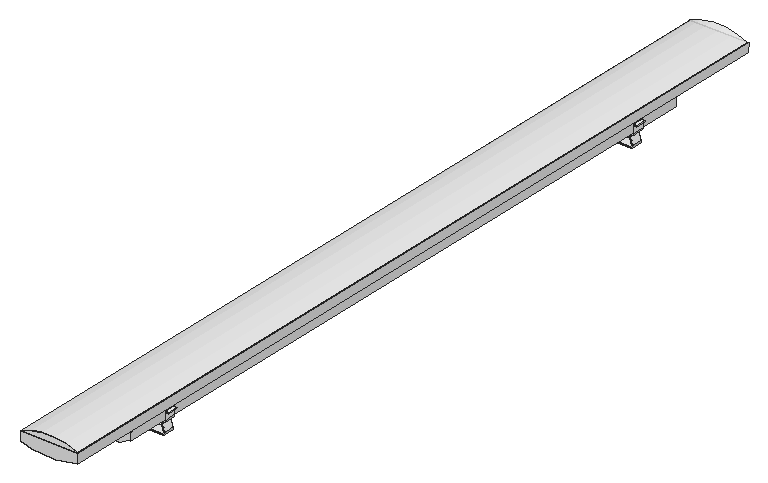
Revit family "Lighting-Industriale-GEWISS-SMART[3]-PLAFONIERA-LED_OPALE_1600mm", category Apparecchi per illuminazione, host Superficie, Revit 2019
Family settings
  Host = Superficie
  Quota connettore circolare = Usa diametro
  Tipo di parte = Normale
  Numero OmniClass = 23.80.70.11
  Titolo OmniClass = Luminaries for Internal Lighting
  Taglio con vuoti quando caricato = No
  Sorgente d'illuminazione = No
  Condiviso = No
  Punto di calcolo locali = Sì
Parameters (values of type "GWS3258PLD57K - SMART3 LED 1600 2X58 OPALE DALI 57K LP")
  Versione file RFA = "20.11"
  URL = "https://www.gewiss.com/it/it"
  Tipologia sorgente luminosa = "LED - Non sostituibile"
  Tipologia = "DALI"
  Tipo alimentatore = "Driver Led in corrente continua"
  Tensione = "220/240 V - 50/60 Hz - Dali"
  Temperatura di utilizzo = "-30 +50 °C"
  Temperatura di funzionamento = "-25 +50 °C"
  Temperatura di colore: = "5700 K (CRI 80)"
  Temperatura di colore = "5700 K (CRI 80)"
  Struttura = GEWISS - SMART 3 - GRIGIO
  Stampa 1_200 = no
  Stampa 1_100 = not(Stampa 1_200)  # yes
  Spostamento_Y_etichetta [instance] = 0 mm
  Spostamento_Y_effettivo_etichetta [instance] = 1500 mm - Spostamento_Y_etichetta  # 1500 mm
  Spostamento_X_etichetta [instance] = 0 mm
  Spostamento_X_effettivo_etichetta [instance] = 1500 mm - Spostamento_X_etichetta  # 1500 mm
  Schermo. = Gewiss - Led Acceso
  Schermo = "Opale con cablaggio passante"
  Scheda Tecnica = "https://www.gewiss.com/it/it/search?q=GWS3258PLD57K"
  SEO = "Plafoniera"
  Resistenza agli urti = "IK08"
  Default Elevation = 1219.2 mm
  Produttore = "GEWISS S.p.A."
  Potenza di sistema = "50W"
  Peso (kg): = "2,5"
  NÂ° LED (#) = "84"
  Modello = "GWS3258PLD57K"
  Lunghezza Lampada = 1600 mm  # constant formula
  Lunghezza = "1600 mm"
  Lumen output (lm) = "6000"
  Lampada: = "LED"
  Lampada = "LED"
  LED LifeTime (L80B20) = "85000H"
  LED Life time (L90B50) = "50000H"
  LED Life time (L80B50) = "100000H"
  LED Life time (L70) = "80000H"
  Immagine tipo = GWS3158P.jpg
  IFC.TypeObject = ""
  IFC.ExportType = ""
  IFC.ExportAs = ""
  IDT = "e711e676-0d2c-4269-98d7-1f22e4a173c5"
  IDF = "429fcb6a-c397-41af-9d66-92bec2f0642a"
  Grado di protezione = "IP66/IP69"
  Glow Wire Test = "850°C"
  Garanzia = "5 anni"
  Ganci = GEWISS  - ALLUMINIO
  Flusso nominale (lm) = "6900"
  Failure rate apparecchio (50.000h, Tq=25Â° C) = "<2,5%"
  Failure rate apparecchio (35.000h, Tq=35Â° C) = "<2,5%"
  Descrizione = "SMART3 1600 84LED 55W OPALE CABLAGGIO PASSANTE DALI 5700K"
  Creato da GEWISS S.p.A. = ""
  Commenti sul wattaggio = "55W"
  Codice Electrocod = "2434"
  Codice EAN = "8011564877207"
  Classe isolamento = "II"
  Classe di efficienza LED integrati = "A ÷ A++"
  Catalogo Serie = "SMART [3]"
  Catalogo = "LIGHTING"
  Carico apparente = 55 VA
  COBie.Tagnumber = ""
  COBie.CreatedOn = ""
  COBie.CreatebBy = ""
  COBie.ComponentRegisterItemID = ""
  COBie.Component.TagNumber = ""
  COBie.Component.Space = ""
  COBie.Component.SerialNumber = ""
  COBie.Component.InstallationDate = ""
  COBie.Component.Description = ""
  COBie.Component.BarCode = ""
  Applicazione = "Interno"
  Apparecchio a ridotta temperatura superficiale = "Conforme"
Types (17, lengths in mm): name | Tipologia | Tensione | Temperatura di colore: | Temperatura di colore | Schermo | Scheda Tecnica | Potenza di sistema | NÂ° LED (#) | Modello | Lumen output (lm) | IDT | Flusso nominale (lm) | Descrizione | Commenti sul wattaggio | Codice EAN | Carico apparente
  (no name) | "DALI" | "220/240 V - 50/60 Hz - Dali" | "5700 K (CRI 80)" | "5700 K (CRI 80)" | "Opale con cablaggio passante" | "https://www.gewiss.com/it/it/search?q=GWS3258PLD57K" | "50W" | "84" | "GWS3258PLD57K" | "6000" | "e711e676-0d2c-4269-98d7-1f22e4a173c5" | "6900" | "SMART3 1600 84LED 55W OPALE CABLAGGIO PASSANTE DALI 5700K" | "26W" | "8011564877207" | 26 VA
  GWS3158P - SMART3 LED 1600 1X58 OPALE | "Stand alone" | "220/240 V - 50/60 Hz - Stand alone" | "4000 K (CRI 80)" | "4000 K (CRI 80)" | "Opale" | "https://www.gewiss.com/it/it/search?q=GWS3158P" | "26W" | "72" | "GWS3158P" | "3000" | "2a3c1420-3956-4a0a-b9c0-2c49ddd64183" | "3700" | "SMART3 1600 72LED 26W OPALE 4000K" | "26W" | "8011564857544" | 26 VA
  GWS3258P - SMART3 LED 1600 2X58 OPALE | "Stand alone" | "220/240 V - 50/60 Hz - Stand alone" | "4000 K (CRI 80)" | "4000 K (CRI 80)" | "Opale" | "https://www.gewiss.com/it/it/search?q=GWS3258P" | "50W" | "84" | "GWS3258P" | "6000" | "98c1e635-8887-4b23-8ef8-854247924388" | "6900" | "SMART3 1600 84LED 53W OPALE 4000K" | "53W" | "8011564857575" | 53 VA
  GWS3258P30K - SMART3 LED 1600 2X58 OPALE 30K | "Stand alone" | "220/240 V - 50/60 Hz - Stand alone" | "3000 K (CRI 80)" | "3000 K (CRI 80)" | "Opale" | "https://www.gewiss.com/it/it/search?q=GWS3258P30K" | "50W" | "84" | "GWS3258P30K" | "6000" | "9a49d1c2-e174-4980-9279-15e1a4798c46" | "6900" | "SMART3 1600 84LED 53W OPALE 3000K" | "53W" | "8011564871915" | 53 VA
  GWS3258P57K - SMART3 LED 1600 2X58 OPALE 57K | "Stand alone" | "220/240 V - 50/60 Hz - Stand alone" | "5700 K (CRI 80)" | "5700 K (CRI 80)" | "Opale" | "https://www.gewiss.com/it/it/search?q=GWS3258P57K" | "50W" | "84" | "GWS3258P57K" | "6000" | "8a3e6baf-7a3f-473d-88b7-7776e01de7c6" | "6900" | "SMART3 1600 84LED 53W OPALE 5700K" | "53W" | "8011564872424" | 53 VA
  GWS3158PD - SMART3 LED 1600 1X58 OPALE DALI | "DALI" | "220/240 V - 50/60 Hz - Dali" | "4000 K (CRI 80)" | "4000 K (CRI 80)" | "Opale" | "https://www.gewiss.com/it/it/search?q=GWS3158PD" | "26W" | "72" | "GWS3158PD" | "3000" | "93382cc5-8969-4161-8217-0f040a004009" | "3700" | "SMART3 1600 72LED 27W OPALE DALI 4000K" | "27W" | "8011564869202" | 27 VA
  GWS3258PD - SMART3 LED 1600 2X58 OPALE DALI | "DALI" | "220/240 V - 50/60 Hz - Dali" | "4000 K (CRI 80)" | "4000 K (CRI 80)" | "Opale" | "https://www.gewiss.com/it/it/search?q=GWS3258PD" | "50W" | "84" | "GWS3258PD" | "6000" | "ab7d8986-d622-4e33-829d-5851e29de983" | "6900" | "SMART3 1600 84LED 55W OPALE DALI 4000K" | "55W" | "8011564869233" | 55 VA
  GWS3258PD30K - SMART3 LED 1600 2X58 OPALE DALI 30K | "DALI" | "220/240 V - 50/60 Hz - Dali" | "3000 K (CRI 80)" | "3000 K (CRI 80)" | "Opale" | "https://www.gewiss.com/it/it/search?q=GWS3258PD30K" | "50W" | "84" | "GWS3258PD30K" | "6000" | "f3fc2d64-744f-476c-925a-d24aae4b9ebf" | "6900" | "SMART3 1600 84LED 55W OPALE DALI 3000K" | "55W" | "8011564877177" | 55 VA
  GWS3258PD57K - SMART3 LED 1600 2X58 OPALE DALI 57K | "DALI" | "220/240 V - 50/60 Hz - Dali" | "5700 K (CRI 80)" | "5700 K (CRI 80)" | "Opale" | "https://www.gewiss.com/it/it/search?q=GWS3258PD57K" | "50W" | "84" | "GWS3258PD57K" | "6000" | "597e17a9-7893-45ae-af28-b8dd4a9f1581" | "6900" | "SMART3 1600 84LED 55W OPALE DALI 5700K" | "55W" | "8011564877184" | 55 VA
  GWS3158PL - SMART3 LED 1600 1X58 OPALE LP | "Stand alone" | "220/240 V - 50/60 Hz - Stand alone" | "4000 K (CRI 80)" | "4000 K (CRI 80)" | "Opale con cablaggio passante" | "https://www.gewiss.com/it/it/search?q=GWS3158PL" | "26W" | "72" | "GWS3158PL" | "3000" | "a208ccbe-ca89-4585-a6b4-0eee40c77235" | "3700" | "SMART3 1600 72LED 26W OPALE CABLAGGIO PASSANTE 4000K" | "26W" | "8011564857599" | 26 VA
  GWS3158PLD - SMART3 LED 1600 1X58 OPALE DALI LP | "DALI" | "220/240 V - 50/60 Hz - Dali" | "4000 K (CRI 80)" | "4000 K (CRI 80)" | "Opale con cablaggio passante" | "https://www.gewiss.com/it/it/search?q=GWS3158PLD" | "26W" | "72" | "GWS3158PLD" | "3400" | "912ee7e2-bd2f-476b-b10d-046777f10ead" | "3700" | "SMART3 1600 72LED 27W OPALE CABLAGGIO PASSANTE DALI 4000K" | "27W" | "8011564872011" | 27 VA
  GWS3258PL - SMART3 LED 1600 2X58 OPALE LP | "Stand alone" | "220/240 V - 50/60 Hz - Stand alone" | "4000 K (CRI 80)" | "4000 K (CRI 80)" | "Opale con cablaggio passante" | "https://www.gewiss.com/it/it/search?q=GWS3258PL" | "50W" | "84" | "GWS3258PL" | "6000" | "db9cd50b-6137-4b1e-a099-5b6db307137d" | "6900" | "SMART3 1600 84LED 53W OPALE CABLAGGIO PASSANTE 4000K" | "53W" | "8011564857612" | 53 VA
  GWS3258PL30K - SMART3 LED 1600 2X58 OPALE 30K LP | "Stand alone" | "220/240 V - 50/60 Hz - Stand alone" | "3000 K (CRI 80)" | "3000 K (CRI 80)" | "Opale con cablaggio passante" | "https://www.gewiss.com/it/it/search?q=GWS3258PL30K" | "50W" | "84" | "GWS3258PL30K" | "6000" | "26e38d10-03b1-44ce-a7ab-928e91ac9c2d" | "6900" | "SMART3 1600 84LED 53W OPALE CABLAGGIO PASSANTE 3000K" | "53W" | "8011564871953" | 53 VA
  GWS3258PL57K - SMART3 LED 1600 2X58 OPALE 57K LP | "Stand alone" | "220/240 V - 50/60 Hz - Stand alone" | "5700 K (CRI 80)" | "5700 K (CRI 80)" | "Opale con cablaggio passante" | "https://www.gewiss.com/it/it/search?q=GWS3258PL57K" | "50W" | "84" | "GWS3258PL57K" | "6000" | "635432f5-807c-47f6-ad51-128d0dd589ce" | "6900" | "SMART3 1600 84LED 53W OPALE CABLAGGIO PASSANTE 5700K" | "53W" | "8011564872462" | 53 VA
  GWS3258PLD - SMART3 LED 1600 2X58 OPALE DALI LP | "DALI" | "220/240 V - 50/60 Hz - Dali" | "4000 K (CRI 80)" | "4000 K (CRI 80)" | "Opale con cablaggio passante" | "https://www.gewiss.com/it/it/search?q=GWS3258PLD" | "50W" | "84" | "GWS3258PLD" | "6000" | "a63b9c54-d259-431d-b5b7-e758de81c5d0" | "6900" | "SMART3 1600 84LED 55W OPALE CABLAGGIO PASSANTE DALI 4000K" | "55W" | "8011564872028" | 55 VA
  GWS3258PLD30K - SMART3 LED 1600 2X58 OPALE DALI 30K LP | "DALI" | "220/240 V - 50/60 Hz - Dali" | "3000 K (CRI 80)" | "3000 K (CRI 80)" | "Opale con cablaggio passante" | "https://www.gewiss.com/it/it/search?q=GWS3258PLD30K" | "50W" | "84" | "GWS3258PLD30K" | "6000" | "f1b5f739-e51b-47eb-8202-59dede8eff97" | "6900" | "SMART3 1600 84LED 55W OPALE CABLAGGIO PASSANTE DALI 3000K" | "55W" | "8011564877191" | 55 VA
  GWS3258PLD57K - SMART3 LED 1600 2X58 OPALE DALI 57K LP | "DALI" | "220/240 V - 50/60 Hz - Dali" | "5700 K (CRI 80)" | "5700 K (CRI 80)" | "Opale con cablaggio passante" | "https://www.gewiss.com/it/it/search?q=GWS3258PLD57K" | "50W" | "84" | "GWS3258PLD57K" | "6000" | "e711e676-0d2c-4269-98d7-1f22e4a173c5" | "6900" | "SMART3 1600 84LED 55W OPALE CABLAGGIO PASSANTE DALI 5700K" | "55W" | "8011564877207" | 55 VA
Reference planes
  plane 1 "Centro (Fronte/Retro)": y = 0
  plane 2: z = 0
  plane 3 "Centro (Sinistra/Destra)": x = 0
  plane 4: x = -1500
  plane 5: y = -1500
  plane 6: x = 0
  plane 7: y = 0
Forms (mm)
  Extrusion 1, solid, material "GEWISS  - ALLUMINIO" <- "Ganci", detail levels medium+fine
    sketch origin (0, 0, 0) x (1, 0, 0) y (0, 0, 1)
      loop
        arc (31.431, -0.002) -> (34.576, 1.589) -> (35.156, 5.066) r 3.903
        line (35.156, 5.066) -> (29.612, 23.211)
        arc (29.612, 23.211) -> (29.883, 24.381) -> (31.032, 24.73) r 1.2
        line (31.032, 24.73) -> (34.307, 23.974)
        arc (34.307, 23.974) -> (36.765, 24.53) -> (37.859, 26.8) r 2.9
        line (37.859, 26.8) -> (37.859, 38.8)
        arc (37.859, 38.8) -> (37.648, 39.694) -> (37.059, 40.4) r 2
        line (37.059, 40.4) -> (37.059, 42.71) -> (42.861, 40.598) -> (43.203, 41.538) -> (37.53, 43.603)
        arc (37.53, 43.603) -> (37.019, 43.613) -> (36.605, 43.311) r 0.8
        line (36.605, 43.311) -> (36.306, 26.139)
        arc (36.306, 26.139) -> (35.6, 25.444) -> (34.616, 25.34) r 1.5
        line (34.616, 25.34) -> (31.344, 26.095)
        arc (31.344, 26.095) -> (28.858, 25.335) -> (28.273, 22.802) r 2.6
        line (28.273, 22.802) -> (33.827, 4.636)
        arc (33.827, 4.636) -> (33.449, 2.415) -> (31.438, 1.4) r 2.5
        line (31.438, 1.4) -> (-31.437, 1.4)
        arc (-31.437, 1.4) -> (-33.449, 2.415) -> (-33.827, 4.636) r 2.5
        line (-33.827, 4.636) -> (-28.273, 22.802)
        arc (-28.273, 22.802) -> (-28.858, 25.335) -> (-31.344, 26.095) r 2.6
        line (-31.344, 26.095) -> (-34.616, 25.34)
        arc (-34.616, 25.34) -> (-35.6, 25.444) -> (-36.306, 26.139) r 1.5
        line (-36.306, 26.139) -> (-36.605, 43.311)
        arc (-36.605, 43.311) -> (-37.019, 43.613) -> (-37.53, 43.603) r 0.8
        line (-37.53, 43.603) -> (-43.203, 41.538) -> (-42.861, 40.598) -> (-37.059, 42.71) -> (-37.059, 40.4)
        arc (-37.059, 40.4) -> (-37.648, 39.694) -> (-37.859, 38.8) r 2
        line (-37.859, 38.8) -> (-37.859, 26.8)
        arc (-37.859, 26.8) -> (-36.765, 24.53) -> (-34.307, 23.974) r 2.9
        line (-34.307, 23.974) -> (-31.032, 24.73)
        arc (-31.032, 24.73) -> (-29.883, 24.381) -> (-29.612, 23.211) r 1.2
        line (-29.612, 23.211) -> (-35.156, 5.066)
        arc (-35.156, 5.066) -> (-34.576, 1.589) -> (-31.431, -0.002) r 3.903
        line (-31.431, -0.002) -> (31.431, -0.002)
    from 548.766 to 568.766
  Extrusion 2, solid, material "GEWISS  - ALLUMINIO" <- "Ganci", detail levels medium+fine
    sketch origin (0, 0, 0) x (1, 0, 0) y (0, 0, -1)
      loop
        line (31.431, 0.002) -> (-31.431, 0.002)
        arc (-31.431, 0.002) -> (-34.576, -1.589) -> (-35.156, -5.066) r 3.903
        line (-35.156, -5.066) -> (-29.612, -23.211)
        arc (-29.612, -23.211) -> (-29.883, -24.381) -> (-31.032, -24.73) r 1.2
        line (-31.032, -24.73) -> (-34.307, -23.974)
        arc (-34.307, -23.974) -> (-36.765, -24.53) -> (-37.859, -26.8) r 2.9
        line (-37.859, -26.8) -> (-37.859, -38.8)
        arc (-37.859, -38.8) -> (-37.648, -39.694) -> (-37.059, -40.4) r 2
        line (-37.059, -40.4) -> (-37.059, -42.71) -> (-42.861, -40.598) -> (-43.203, -41.538) -> (-37.53, -43.603)
        arc (-37.53, -43.603) -> (-37.019, -43.613) -> (-36.605, -43.311) r 0.8
        line (-36.605, -43.311) -> (-36.306, -26.139)
        arc (-36.306, -26.139) -> (-35.6, -25.444) -> (-34.616, -25.34) r 1.5
        line (-34.616, -25.34) -> (-31.344, -26.095)
        arc (-31.344, -26.095) -> (-28.858, -25.335) -> (-28.273, -22.802) r 2.6
        line (-28.273, -22.802) -> (-33.827, -4.636)
        arc (-33.827, -4.636) -> (-33.449, -2.415) -> (-31.437, -1.4) r 2.5
        line (-31.437, -1.4) -> (31.438, -1.4)
        arc (31.438, -1.4) -> (33.449, -2.415) -> (33.827, -4.636) r 2.5
        line (33.827, -4.636) -> (28.273, -22.802)
        arc (28.273, -22.802) -> (28.858, -25.335) -> (31.344, -26.095) r 2.6
        line (31.344, -26.095) -> (34.616, -25.34)
        arc (34.616, -25.34) -> (35.6, -25.444) -> (36.306, -26.139) r 1.5
        line (36.306, -26.139) -> (36.605, -43.311)
        arc (36.605, -43.311) -> (37.019, -43.613) -> (37.53, -43.603) r 0.8
        line (37.53, -43.603) -> (43.203, -41.538) -> (42.861, -40.598) -> (37.059, -42.71) -> (37.059, -40.4)
        arc (37.059, -40.4) -> (37.648, -39.694) -> (37.859, -38.8) r 2
        line (37.859, -38.8) -> (37.859, -26.8)
        arc (37.859, -26.8) -> (36.765, -24.53) -> (34.307, -23.974) r 2.9
        line (34.307, -23.974) -> (31.032, -24.73)
        arc (31.032, -24.73) -> (29.883, -24.381) -> (29.612, -23.211) r 1.2
        line (29.612, -23.211) -> (35.156, -5.066)
        arc (35.156, -5.066) -> (34.576, -1.589) -> (31.431, 0.002) r 3.903
    from 548.766 to 568.766
  Extrusion 3, solid, material "GEWISS - SMART 3 - GRIGIO" <- "Struttura", detail levels medium+fine
    sketch origin (0, 0, 0) x (1, 0, 0) y (0, 0, 1)
      loop
        line (-36.331, 55.757) -> (-35.847, 28.018)
        arc (-35.847, 28.018) -> (-33.139, 27.27) -> (-30.416, 26.58) r 129.5
        arc (-30.416, 26.58) -> (-28.066, 25.76) -> (-25.915, 24.506) r 13
        arc (-25.915, 24.506) -> (-24.23, 23.324) -> (-22.521, 22.178) r 99.5
        arc (-22.521, 22.178) -> (-16.401, 19.063) -> (-9.748, 17.365) r 31.146
        line (-9.748, 17.365) -> (12.491, 17.365)
        arc (12.491, 17.365) -> (17.822, 19.098) -> (22.764, 21.745) r 31.646
        arc (22.764, 21.745) -> (24.509, 22.915) -> (26.228, 24.122) r 100
        arc (26.228, 24.122) -> (28.283, 25.313) -> (30.525, 26.095) r 12.5
        arc (30.525, 26.095) -> (33.437, 26.834) -> (36.332, 27.64) r 130
        line (36.332, 27.64) -> (36.824, 55.851)
        arc (36.824, 55.851) -> (24.914, 53.937) -> (12.909, 52.764) r 195.047
        line (12.909, 52.764) -> (-12.909, 52.764)
        arc (-12.909, 52.764) -> (-24.665, 53.905) -> (-36.331, 55.757) r 195.047
    from -650 to 650
  Extrusion 4, solid, material "GEWISS - SMART 3 - GRIGIO" <- "Struttura", detail levels medium+fine
    sketch origin (0, 0, 0) x (1, 0, 0) y (0, 0, 1)
      loop
        line (54.725, 60.184) -> (55.177, 77.445) -> (-55.177, 77.445) -> (-54.725, 60.184)
        arc (-54.725, 60.184) -> (-34.019, 55.332) -> (-12.909, 52.764) r 195.047
        line (-12.909, 52.764) -> (12.909, 52.764)
        arc (12.909, 52.764) -> (34.019, 55.332) -> (54.725, 60.184) r 195.047
    from -800 to 800
  Extrusion 5, solid, material "Gewiss - Led Acceso" <- "Schermo.", detail levels medium+fine
    sketch origin (0, 0, 0) x (1, 0, 0) y (0, 0, 1)
      loop
        arc (54.697, 78.441) -> (-0.014, 90.457) -> (-54.723, 78.429) r 130.5
        arc (-54.723, 78.429) -> (-54.988, 77.838) -> (-54.5, 77.445) r 0.5
        line (-54.5, 77.445) -> (54.479, 77.445)
        arc (54.479, 77.445) -> (54.988, 77.855) -> (54.697, 78.441) r 0.522
    from -800 to 800
  Extrusion 6, solid, material "GEWISS - SMART 3 - GRIGIO" <- "Struttura", detail levels coarse
    sketch origin (0, 0, 0) x (1, 0, 0) y (0, 0, 1)
      loop
        line (-54.5, 90.439) -> (-54.5, 0) -> (54.5, 0) -> (54.5, 90.439) -> (-54.5, 90.439)
    from -800 to 800
Lines and regions (mm)
  Masking region 1
    outline origin (0, 0, 0) x (1, 0, 0) y (0, 1, 0)
      loop
        line (-55.177, 800) -> (-55.177, -800) -> (55.177, -800) -> (55.177, 800) -> (-55.177, 800)
  symbolic lines, style "GEWISS - LIGHT 2D"
    curve 1: line (0, 528.766, 0) -> (0, -511.234, 0)
Dimensions and locks
  plane 4 to plane 3 "Centro (Sinistra/Destra)" = 1500 mm
  "Spostamento_X_effettivo_etichetta": plane 4 to plane 6
  "Spostamento_Y_effettivo_etichetta": plane 7 to plane 5
  plane 1 "Centro (Fronte/Retro)" to plane 5 = 1500 mm
  aligned and locked: plane 2 to host face
  aligned and locked: level to host face
  aligned and locked: Masking region 1 sketch curve to Extrusion 4  (x4)
  aligned and locked: plane 6 to nested 1
  aligned and locked: nested 1 to plane 7
  aligned and locked: curve 1 to plane 3 "Centro (Sinistra/Destra)"
Automatic sketch dimensions
  host sketch curve to host sketch curve = 2438.4 mm  (x2)
  Extrusion 1 sketch curve to Extrusion 1 sketch curve = 0 mm  (x28)
  Extrusion 1 sketch curve to plane 3 "Centro (Sinistra/Destra)" = 43.203 mm
  level to Extrusion 1 sketch curve = 40.598 mm
  Extrusion 1 sketch curve to Extrusion 1 sketch curve = 0.342 mm  (x2)
  Extrusion 1 sketch curve to Extrusion 1 sketch curve = 5.002 mm  (x2)
  Extrusion 1 sketch curve to Extrusion 1 sketch curve = 0.329 mm
  Extrusion 1 sketch curve to Extrusion 1 sketch curve = 0.271 mm  (x2)
  Extrusion 1 sketch curve to Extrusion 1 sketch curve = 0.8 mm  (x2)
  Extrusion 1 sketch curve to Extrusion 1 sketch curve = 0.454 mm  (x2)
  Extrusion 1 sketch curve to Extrusion 1 sketch curve = 1.554 mm
  Extrusion 1 sketch curve to Extrusion 1 sketch curve = 2 mm
  level to Extrusion 1 sketch curve = 5.066 mm  (x2)
  Extrusion 1 sketch curve to Extrusion 1 sketch curve = 1.15 mm
  Extrusion 1 sketch curve to Extrusion 1 sketch curve = 1.346 mm  (x2)
  Extrusion 1 sketch curve to Extrusion 1 sketch curve = 0.343 mm  (x2)
  level to Extrusion 1 sketch curve = 4.636 mm  (x2)
  Extrusion 1 sketch curve to Extrusion 1 sketch curve = 1.329 mm  (x2)
  level to Extrusion 1 sketch curve = 1.4 mm
  Extrusion 1 sketch curve to Extrusion 1 sketch curve = 2.389 mm  (x2)
  Extrusion 1 sketch curve to Extrusion 1 sketch curve = 0.007 mm  (x2)
  Extrusion 1 sketch curve to Extrusion 1 sketch curve = 3.584 mm  (x2)
  Extrusion 1 sketch curve to Extrusion 1 sketch curve = 0.273 mm  (x2)
  plane 3 "Centro (Sinistra/Destra)" to Extrusion 1 sketch curve = 30.759 mm
  Extrusion 1 sketch curve to level = 0.002 mm
  Extrusion 1 sketch curve to Extrusion 1 sketch curve = 0.672 mm
  Extrusion 1 sketch curve to Extrusion 1 sketch curve = 0.9 mm
  level to Extrusion 1 sketch curve = 26.139 mm
  Extrusion 1 sketch curve to Extrusion 1 sketch curve = 0.746 mm
  Extrusion 1 sketch curve to Extrusion 1 sketch curve = 0.2 mm
  Extrusion 1 sketch curve to Extrusion 1 sketch curve = 2.577 mm
  Extrusion 1 sketch curve to Extrusion 1 sketch curve = 18.496 mm
  Extrusion 1 sketch curve to Extrusion 1 sketch curve = 1.169 mm  (x2)
  Extrusion 1 sketch curve to Extrusion 1 sketch curve = 0.799 mm  (x2)
  Extrusion 1 sketch curve to Extrusion 1 sketch curve = 0.609 mm
  Extrusion 1 sketch curve to Extrusion 1 sketch curve = 1.798 mm  (x2)
  Extrusion 1 sketch curve to Extrusion 1 sketch curve = 12 mm
  Extrusion 1 sketch curve to Extrusion 1 sketch curve = 0.94 mm  (x2)
  Extrusion 1 sketch curve to Extrusion 1 sketch curve = 0.14 mm  (x2)
  Extrusion 1 sketch curve to Extrusion 1 sketch curve = 0.309 mm  (x2)
  Extrusion 1 sketch curve to Extrusion 1 sketch curve = 0.312 mm  (x2)
  Extrusion 1 sketch curve to Extrusion 1 sketch curve = 1.148 mm  (x2)
  Extrusion 1 sketch curve to Extrusion 1 sketch curve = 1.339 mm
  Extrusion 1 sketch curve to Extrusion 1 sketch curve = 2.486 mm
  Extrusion 1 sketch curve to Extrusion 1 sketch curve = 0.409 mm  (x2)
  Extrusion 2 sketch curve to Extrusion 2 sketch curve = 0 mm  (x28)
  Extrusion 2 sketch curve to plane 3 "Centro (Sinistra/Destra)" = 43.203 mm
  level to Extrusion 2 sketch curve = 40.598 mm
  Extrusion 2 sketch curve to Extrusion 2 sketch curve = 0.342 mm  (x2)
  Extrusion 2 sketch curve to Extrusion 2 sketch curve = 5.002 mm  (x2)
  Extrusion 2 sketch curve to Extrusion 2 sketch curve = 0.329 mm
  Extrusion 2 sketch curve to Extrusion 2 sketch curve = 0.271 mm  (x2)
  Extrusion 2 sketch curve to Extrusion 2 sketch curve = 0.8 mm  (x2)
  Extrusion 2 sketch curve to Extrusion 2 sketch curve = 0.454 mm  (x2)
  Extrusion 2 sketch curve to Extrusion 2 sketch curve = 1.554 mm
  Extrusion 2 sketch curve to Extrusion 2 sketch curve = 2 mm
  level to Extrusion 2 sketch curve = 5.066 mm  (x2)
  Extrusion 2 sketch curve to Extrusion 2 sketch curve = 1.15 mm
  Extrusion 2 sketch curve to Extrusion 2 sketch curve = 1.346 mm  (x2)
  Extrusion 2 sketch curve to Extrusion 2 sketch curve = 0.343 mm  (x2)
  level to Extrusion 2 sketch curve = 4.636 mm  (x2)
  Extrusion 2 sketch curve to Extrusion 2 sketch curve = 1.329 mm  (x2)
  level to Extrusion 2 sketch curve = 1.4 mm
  Extrusion 2 sketch curve to Extrusion 2 sketch curve = 2.389 mm  (x2)
  Extrusion 2 sketch curve to Extrusion 2 sketch curve = 0.007 mm  (x2)
  Extrusion 2 sketch curve to Extrusion 2 sketch curve = 3.584 mm  (x2)
  Extrusion 2 sketch curve to Extrusion 2 sketch curve = 0.273 mm  (x2)
  plane 3 "Centro (Sinistra/Destra)" to Extrusion 2 sketch curve = 30.759 mm
  Extrusion 2 sketch curve to level = 0.002 mm
  Extrusion 2 sketch curve to Extrusion 2 sketch curve = 0.672 mm
  Extrusion 2 sketch curve to Extrusion 2 sketch curve = 0.9 mm
  level to Extrusion 2 sketch curve = 26.139 mm
  Extrusion 2 sketch curve to Extrusion 2 sketch curve = 0.746 mm
  Extrusion 2 sketch curve to Extrusion 2 sketch curve = 0.2 mm
  Extrusion 2 sketch curve to Extrusion 2 sketch curve = 14.46 mm
  Extrusion 2 sketch curve to Extrusion 2 sketch curve = 0.94 mm  (x2)
  Extrusion 2 sketch curve to Extrusion 2 sketch curve = 0.14 mm  (x2)
  Extrusion 2 sketch curve to Extrusion 2 sketch curve = 2.31 mm  (x2)
  Extrusion 2 sketch curve to Extrusion 2 sketch curve = 12 mm
  Extrusion 2 sketch curve to Extrusion 2 sketch curve = 0.661 mm  (x2)
  Extrusion 2 sketch curve to Extrusion 2 sketch curve = 0.609 mm  (x2)
  Extrusion 2 sketch curve to Extrusion 2 sketch curve = 1.169 mm  (x2)
  Extrusion 2 sketch curve to Extrusion 2 sketch curve = 0.309 mm  (x2)
  Extrusion 2 sketch curve to Extrusion 2 sketch curve = 0.312 mm  (x2)
  Extrusion 2 sketch curve to Extrusion 2 sketch curve = 1.148 mm  (x2)
  Extrusion 2 sketch curve to Extrusion 2 sketch curve = 1.339 mm
  Extrusion 2 sketch curve to Extrusion 2 sketch curve = 2.486 mm
  Extrusion 2 sketch curve to Extrusion 2 sketch curve = 1.365 mm  (x2)
  Extrusion 3 sketch curve to plane 3 "Centro (Sinistra/Destra)" = 36.331 mm
  Extrusion 3 sketch curve to Extrusion 3 sketch curve = 0.484 mm
  Extrusion 3 sketch curve to Extrusion 3 sketch curve = 2.34 mm
  Extrusion 3 sketch curve to plane 3 "Centro (Sinistra/Destra)" = 32.068 mm
  Extrusion 3 sketch curve to plane 3 "Centro (Sinistra/Destra)" = 12.909 mm
  Extrusion 3 sketch curve to plane 3 "Centro (Sinistra/Destra)" = 9.748 mm
  Extrusion 3 sketch curve to plane 3 "Centro (Sinistra/Destra)" = 5.421 mm
  Extrusion 3 sketch curve to plane 3 "Centro (Sinistra/Destra)" = 0.057 mm
  Extrusion 3 sketch curve to plane 3 "Centro (Sinistra/Destra)" = 0.007 mm
  Extrusion 3 sketch curve to plane 3 "Centro (Sinistra/Destra)" = 0.001 mm
  plane 3 "Centro (Sinistra/Destra)" to Extrusion 3 sketch curve = 0.057 mm
  plane 3 "Centro (Sinistra/Destra)" to Extrusion 3 sketch curve = 5.412 mm
  plane 3 "Centro (Sinistra/Destra)" to Extrusion 3 sketch curve = 12.491 mm
  Extrusion 3 sketch curve to Extrusion 3 sketch curve = 7.496 mm
  plane 3 "Centro (Sinistra/Destra)" to Extrusion 3 sketch curve = 32.059 mm
  Extrusion 3 sketch curve to Extrusion 3 sketch curve = 21.008 mm
  Extrusion 3 sketch curve to Extrusion 3 sketch curve = 2.833 mm
  Extrusion 3 sketch curve to Extrusion 3 sketch curve = 23.916 mm
  level to Extrusion 3 sketch curve = 13.953 mm  (x2)
  level to Extrusion 3 sketch curve = 17.365 mm  (x2)
  Extrusion 3 sketch curve to Extrusion 3 sketch curve = 13.687 mm
  Extrusion 3 sketch curve to Extrusion 3 sketch curve = 14.064 mm
  Extrusion 3 sketch curve to Extrusion 3 sketch curve = 30.844 mm
  Extrusion 3 sketch curve to Extrusion 3 sketch curve = 0 mm  (x3)
  Extrusion 3 sketch curve to Extrusion 3 sketch curve = 4.555 mm
  Extrusion 3 sketch curve to Extrusion 3 sketch curve = 2.993 mm
  Extrusion 3 sketch curve to Extrusion 3 sketch curve = 3.087 mm
  Extrusion 3 sketch curve to Extrusion 3 sketch curve = 49.52 mm
  Extrusion 3 sketch curve to Extrusion 3 sketch curve = 49.615 mm
  Extrusion 3 sketch curve to Extrusion 3 sketch curve = 47.089 mm
  Extrusion 3 sketch curve to Extrusion 3 sketch curve = 5.431 mm
  Extrusion 3 sketch curve to Extrusion 3 sketch curve = 4.5 mm
  Extrusion 3 sketch curve to Extrusion 3 sketch curve = 10.273 mm
  Extrusion 3 sketch curve to Extrusion 3 sketch curve = 3.465 mm
  Extrusion 3 sketch curve to Extrusion 3 sketch curve = 4.297 mm
  Extrusion 4 sketch curve to plane 3 "Centro (Sinistra/Destra)" = 55.177 mm
  Extrusion 4 sketch curve to Extrusion 4 sketch curve = 0.452 mm  (x2)
  Extrusion 4 sketch curve to plane 3 "Centro (Sinistra/Destra)" = 12.909 mm
  Extrusion 4 sketch curve to plane 3 "Centro (Sinistra/Destra)" = 0.057 mm
  plane 3 "Centro (Sinistra/Destra)" to Extrusion 4 sketch curve = 0.057 mm
  plane 3 "Centro (Sinistra/Destra)" to Extrusion 4 sketch curve = 12.909 mm
  Extrusion 4 sketch curve to Extrusion 4 sketch curve = 41.816 mm
  level to Extrusion 4 sketch curve = 52.764 mm
  Extrusion 4 sketch curve to Extrusion 4 sketch curve = 7.42 mm  (x2)
  Extrusion 4 sketch curve to Extrusion 4 sketch curve = 17.262 mm
  Extrusion 5 sketch curve to plane 3 "Centro (Sinistra/Destra)" = 0 mm
  Extrusion 5 sketch curve to plane 3 "Centro (Sinistra/Destra)" = 54.5 mm
  plane 3 "Centro (Sinistra/Destra)" to Extrusion 5 sketch curve = 54.479 mm
  Extrusion 5 sketch curve to level = 40.043 mm
  level to Extrusion 5 sketch curve = 77.445 mm
  Extrusion 5 sketch curve to Extrusion 5 sketch curve = 0.5 mm
  Extrusion 5 sketch curve to Extrusion 5 sketch curve = 0.522 mm
  Extrusion 5 sketch curve to Extrusion 5 sketch curve = 0.21 mm
  Extrusion 5 sketch curve to Extrusion 5 sketch curve = 0.014 mm
  Extrusion 5 sketch curve to Extrusion 5 sketch curve = 0 mm
  Extrusion 6 sketch curve to level = 0 mm
  Extrusion 6 sketch curve to plane 3 "Centro (Sinistra/Destra)" = 54.5 mm
  plane 3 "Centro (Sinistra/Destra)" to Extrusion 6 sketch curve = 54.5 mm
  Extrusion 6 sketch curve to Extrusion 6 sketch curve = 90.439 mm
  plane 1 "Centro (Fronte/Retro)" to curve 1 = 511.234 mm
  curve 1 to plane 1 "Centro (Fronte/Retro)" = 528.766 mm
Nested families
  nested 1: "ETICHETTA WATTAGGIO" at (0, 0, 0), type "ETICHETTA WATTAGGIO"
Connectors
  electrical at (0, 0, 0), driven by "Carico apparente"
    settings: on Masking region 1, index 1, voltage 230 V, apparent load 0 VA, apparent load phase1 55 VA, apparent load phase2 0 VA, apparent load phase3 0 VA, power factor 1, load classification "Illuminazione", number of poles 2, system type 31, power factor state 1, is connector primary yes, connector utility no, sub classification motor no, connector description ""
Definition of nested family "ETICHETTA WATTAGGIO"
  Parameters (values of type "ETICHETTA WATTAGGIO")
    GW - Potenza di sistema = ""
    GW - Numero LED = ""
    COMMENTI = "13W"
    1_200 = no
    1_100 = yes
  Reference planes
    plane 1: y = 0
    plane 2: x = 0
  Text (mm)
    label "GW - Potenza di sistema\nGW - Numero LED LED" at (-0.057, -0.214, 0), shows "GW - Potenza di sistema", "GW - Numero LED", visible <- "1_100"
    label "GW - Potenza di sistema\nGW - Numero LED LED " at (-0.057, -0.214, 0), shows "GW - Potenza di sistema", "GW - Numero LED", visible <- "1_200"
